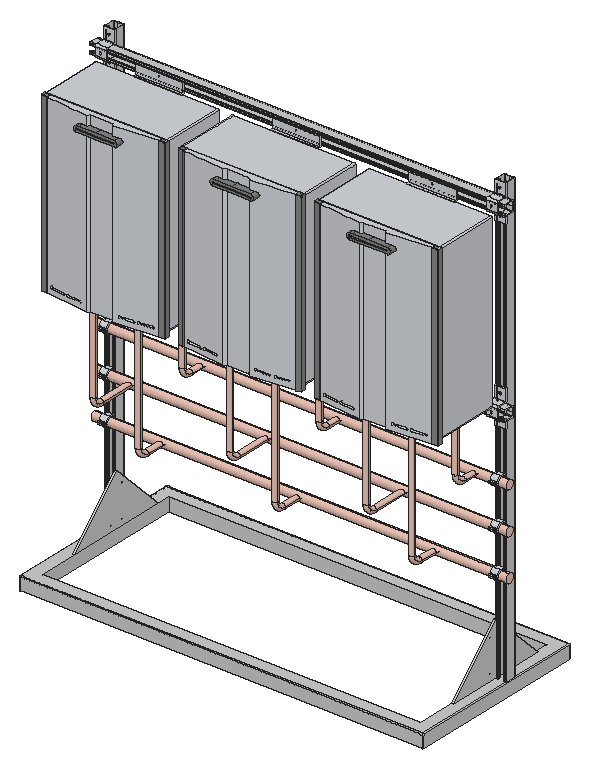
Revit family "N167e", category Generic Models, host Face, Revit 2018
Family settings
  Host = Face
  Can host rebar = No
  Round Connector Dimension = Use Diameter
  Part Type = Normal
  Cut with Voids When Loaded = No
  Shared = No
  Room Calculation Point = No
Parameters
  URL = "https://rinnai.co.nz/commercial/demand-direct-manifold-system"
  Model = "RCWN167eN/L (Natural Gas or LPG)"
  Manufacturer = "Rinnai NZ"
  Hot Manifold Height (from ground) [instance] = 580 mm
  Hot & Cold Manifold Sizes = 32 mm
  Hot & Cold Manifold Distance from Upright = Hot & Cold Manifold Sizes / 2  # 16 mm
  Gas Manifold Size = 32 mm
  Gas Manifold Height (from ground) [instance] = 740 mm
  Gas Manifold Distance from Upright [instance] = Gas Manifold Size / 2  # 16 mm
  Description = "Demand Direct N167e Commercial System"
  Default Elevation = 1219.2 mm
  Cold Manifold Height (from ground) [instance] = 420 mm
Reference planes
  plane 1 "Center (Front/Back)": y = 0
  plane 2: z = 0
  plane 3 "Center (Left/Right)": x = 0
  plane 4: z = 1732.75
  plane 5: z = 1638.5
  plane 6: z = 1686
  plane 7: z = 1732.75
  plane 8: z = 1638.5
  plane 9: z = 1686
  plane 10: x = -791.3
  plane 11: x = 791.3
  plane 12: x = -521
  plane 13: x = 521
  plane 14: z = 1031.29
  plane 15: z = 936.29
  plane 16: z = 983.79
  plane 17: z = 420
  plane 18: z = 580
  plane 19: z = 740
  plane 20: y = -314.6
  plane 21: y = -298.6
  plane 22: y = -314.6
  plane 23: z = 904.79
Forms (mm)
  Extrusion 1, solid
    sketch origin (-725, -295.1, 1269.2) x (0, 0, 1) y (0, -1, 0)
      loop
        line (485.8, 3.5) -> (485.8, 6) -> (441.3, 6)
        arc (441.3, 6) -> (440.593, 6.293) -> (440.3, 7) r 1
        line (440.3, 7) -> (440.3, 39.519)
        arc (440.3, 39.519) -> (438.109, 44.809) -> (432.819, 47) r 7.481
        line (432.819, 47) -> (400.8, 47)
        arc (400.8, 47) -> (395.497, 44.803) -> (393.3, 39.5) r 7.5
        line (393.3, 39.5) -> (393.3, 7)
        arc (393.3, 7) -> (393.007, 6.293) -> (392.3, 6) r 1
        line (392.3, 6) -> (347.8, 6) -> (347.8, 3.5) -> (393.3, 3.5)
        arc (393.3, 3.5) -> (395.068, 4.232) -> (395.8, 6) r 2.5
        line (395.8, 6) -> (395.8, 39.5)
        arc (395.8, 39.5) -> (397.264, 43.036) -> (400.8, 44.5) r 5
        line (400.8, 44.5) -> (432.8, 44.5)
        arc (432.8, 44.5) -> (436.336, 43.036) -> (437.8, 39.5) r 5
        line (437.8, 39.5) -> (437.8, 6)
        arc (437.8, 6) -> (438.532, 4.232) -> (440.3, 3.5) r 2.5
        line (440.3, 3.5) -> (485.8, 3.5)
    from 0 to -41.3
  Extrusion 2, void
    sketch origin (-725, -298.6, 1755) x (0, 0, -1) y (-1, 0, 0)
      loop
        circle (22.25, 20.65) r 5
      loop
        circle (116.5, 20.65) r 5
      loop
        circle (69, 20.65) r 5
    from 0 to -50
  Extrusion 3, solid
    sketch origin (725, -295.1, 1269.2) x (0, 0, 1) y (0, 1, 0)
      loop
        line (485.8, -3.5) -> (440.3, -3.5)
        arc (440.3, -3.5) -> (438.532, -4.232) -> (437.8, -6) r 2.5
        line (437.8, -6) -> (437.8, -39.5)
        arc (437.8, -39.5) -> (436.336, -43.036) -> (432.8, -44.5) r 5
        line (432.8, -44.5) -> (400.8, -44.5)
        arc (400.8, -44.5) -> (397.264, -43.036) -> (395.8, -39.5) r 5
        line (395.8, -39.5) -> (395.8, -6)
        arc (395.8, -6) -> (395.068, -4.232) -> (393.3, -3.5) r 2.5
        line (393.3, -3.5) -> (347.8, -3.5) -> (347.8, -6) -> (392.3, -6)
        arc (392.3, -6) -> (393.007, -6.293) -> (393.3, -7) r 1
        line (393.3, -7) -> (393.3, -39.5)
        arc (393.3, -39.5) -> (395.497, -44.803) -> (400.8, -47) r 7.5
        line (400.8, -47) -> (432.819, -47)
        arc (432.819, -47) -> (438.109, -44.809) -> (440.3, -39.519) r 7.481
        line (440.3, -39.519) -> (440.3, -7)
        arc (440.3, -7) -> (440.593, -6.293) -> (441.3, -6) r 1
        line (441.3, -6) -> (485.8, -6) -> (485.8, -3.5)
    from 0 to -41.3
  Extrusion 4, void
    sketch origin (725, -298.6, 1755) x (0, 0, -1) y (-1, 0, 0)
      loop
        circle (22.25, -20.65) r 5
      loop
        circle (116.5, -20.65) r 5
      loop
        circle (69, -20.65) r 5
    from 0 to -50
  Extrusion 5, solid
    sketch origin (-725, -295.1, 566.99) x (0, 0, 1) y (0, -1, 0)
      loop
        line (485.8, 3.5) -> (485.8, 6) -> (441.3, 6)
        arc (441.3, 6) -> (440.593, 6.293) -> (440.3, 7) r 1
        line (440.3, 7) -> (440.3, 39.519)
        arc (440.3, 39.519) -> (438.109, 44.809) -> (432.819, 47) r 7.481
        line (432.819, 47) -> (400.8, 47)
        arc (400.8, 47) -> (395.497, 44.803) -> (393.3, 39.5) r 7.5
        line (393.3, 39.5) -> (393.3, 7)
        arc (393.3, 7) -> (393.007, 6.293) -> (392.3, 6) r 1
        line (392.3, 6) -> (347.8, 6) -> (347.8, 3.5) -> (393.3, 3.5)
        arc (393.3, 3.5) -> (395.068, 4.232) -> (395.8, 6) r 2.5
        line (395.8, 6) -> (395.8, 39.5)
        arc (395.8, 39.5) -> (397.264, 43.036) -> (400.8, 44.5) r 5
        line (400.8, 44.5) -> (432.8, 44.5)
        arc (432.8, 44.5) -> (436.336, 43.036) -> (437.8, 39.5) r 5
        line (437.8, 39.5) -> (437.8, 6)
        arc (437.8, 6) -> (438.532, 4.232) -> (440.3, 3.5) r 2.5
        line (440.3, 3.5) -> (485.8, 3.5)
    from 0 to -41.3
  Extrusion 6, solid
    sketch origin (766.3, -295.1, 1269.2) x (0, -1, 0) y (0, 0, 1)
      loop
        line (3.5, -215.7) -> (3.5, -261.2)
        arc (3.5, -261.2) -> (4.232, -262.968) -> (6, -263.7) r 2.5
        line (6, -263.7) -> (39.5, -263.7)
        arc (39.5, -263.7) -> (43.036, -265.164) -> (44.5, -268.7) r 5
        line (44.5, -268.7) -> (44.5, -300.7)
        arc (44.5, -300.7) -> (43.036, -304.236) -> (39.5, -305.7) r 5
        line (39.5, -305.7) -> (6, -305.7)
        arc (6, -305.7) -> (4.232, -306.432) -> (3.5, -308.2) r 2.5
        line (3.5, -308.2) -> (3.5, -353.7) -> (6, -353.7) -> (6, -309.2)
        arc (6, -309.2) -> (6.293, -308.493) -> (7, -308.2) r 1
        line (7, -308.2) -> (39.5, -308.2)
        arc (39.5, -308.2) -> (44.803, -306.003) -> (47, -300.7) r 7.5
        line (47, -300.7) -> (47, -268.681)
        arc (47, -268.681) -> (44.809, -263.391) -> (39.519, -261.2) r 7.481
        line (39.519, -261.2) -> (7, -261.2)
        arc (7, -261.2) -> (6.293, -260.907) -> (6, -260.2) r 1
        line (6, -260.2) -> (6, -215.7) -> (3.5, -215.7)
    from 0 to 41.3
  Extrusion 7, void
    sketch origin (-725, -298.6, 1052.79) x (0, 0, 1) y (-1, 0, 0)
      loop
        circle (-21.5, 20.65) r 5
      loop
        circle (-116.5, 20.65) r 5
      loop
        circle (-69, 20.65) r 5
    from 0 to 250
  Extrusion 8, void
    sketch origin (766.3, -298.6, 1052.79) x (0, 0, 1) y (-1, 0, 0)
      loop
        circle (-21.5, 20.65) r 5
      loop
        circle (-116.5, 20.65) r 5
      loop
        circle (-69, 20.65) r 5
    from 0 to 250
  Extrusion 9, solid, material "Kembla Copper"
    sketch origin (-791.3, -4572, 1807.262) x (0, 0, 1) y (0, -1, 0)
      loop
        circle (-1067.262, -4257.4) r 16
    from 0 to 1582.6
  Extrusion 10, solid, material "Kembla Copper"
    sketch origin (-791.3, -4572, 1807.262) x (0, 0, 1) y (0, -1, 0)
      loop
        circle (-1227.262, -4257.4) r 16
    from 0 to 1582.6
  Extrusion 11, solid, material "Kembla Copper"
    sketch origin (-791.3, -4572, 1807.262) x (0, 0, 1) y (0, -1, 0)
      loop
        circle (-1387.262, -4257.4) r 16
    from 0 to 1582.6
  Sweep 12, solid, material "Kembla Copper"
    path origin (-379, -440.788, -3565.3) x (0, -1, 0) y (0, 0, -1)
      loop
        line (-28.688, -4527) -> (-28.688, -4340.3)
        arc (-28.688, -4340.3) -> (-38.939, -4315.551) -> (-63.688, -4305.3) r 35
        line (-63.688, -4305.3) -> (-126.188, -4305.3)
    profile origin (-379, -412.1, 868.35) x (1, 0, 0) y (0, 1, 0)
      loop
        circle (0, 0) r 10
  Sweep 13, solid, material "Kembla Copper"
    path origin (-531, -450.208, -3565.3) x (0, -1, 0) y (0, 0, -1)
      loop
        line (-19.108, -4518) -> (-19.108, -4020.3)
        arc (-19.108, -4020.3) -> (-29.359, -3995.551) -> (-54.108, -3985.3) r 35
        line (-54.108, -3985.3) -> (-135.608, -3985.3)
    profile origin (-531, -431.1, 703.85) x (1, 0, 0) y (0, 1, 0)
      loop
        circle (0, 0) r 10
  Sweep 14, solid, material "Kembla Copper"
    path origin (-651, -527.927, -3565.3) x (0, -1, 0) y (0, 0, -1)
      loop
        line (-30.827, -4531) -> (-30.827, -4180.3)
        arc (-30.827, -4180.3) -> (-41.078, -4155.551) -> (-65.827, -4145.3) r 35
        line (-65.827, -4145.3) -> (-213.327, -4145.3)
    profile origin (-651, -497.1, 790.35) x (1, 0, 0) y (0, 1, 0)
      loop
        circle (0, 0) r 10
  Sweep 15, solid, material "Kembla Copper"
    path origin (142, -440.788, -3565.3) x (0, -1, 0) y (0, 0, -1)
      loop
        line (-28.688, -4527) -> (-28.688, -4340.3)
        arc (-28.688, -4340.3) -> (-38.939, -4315.551) -> (-63.688, -4305.3) r 35
        line (-63.688, -4305.3) -> (-126.188, -4305.3)
    profile origin (142, -412.1, 868.35) x (1, 0, 0) y (0, 1, 0)
      loop
        circle (0, 0) r 10
  Sweep 16, solid, material "Kembla Copper"
    path origin (-10, -450.208, -3565.3) x (0, -1, 0) y (0, 0, -1)
      loop
        line (-19.108, -4518) -> (-19.108, -4020.3)
        arc (-19.108, -4020.3) -> (-29.359, -3995.551) -> (-54.108, -3985.3) r 35
        line (-54.108, -3985.3) -> (-135.608, -3985.3)
    profile origin (-10, -431.1, 703.85) x (1, 0, 0) y (0, 1, 0)
      loop
        circle (0, 0) r 10
  Sweep 17, solid, material "Kembla Copper"
    path origin (-130, -527.927, -3565.3) x (0, -1, 0) y (0, 0, -1)
      loop
        line (-30.827, -4531) -> (-30.827, -4180.3)
        arc (-30.827, -4180.3) -> (-41.078, -4155.551) -> (-65.827, -4145.3) r 35
        line (-65.827, -4145.3) -> (-213.327, -4145.3)
    profile origin (-130, -497.1, 790.35) x (1, 0, 0) y (0, 1, 0)
      loop
        circle (0, 0) r 10
  Sweep 18, solid, material "Kembla Copper"
    path origin (663, -440.788, -3565.3) x (0, -1, 0) y (0, 0, -1)
      loop
        line (-28.688, -4527) -> (-28.688, -4340.3)
        arc (-28.688, -4340.3) -> (-38.939, -4315.551) -> (-63.688, -4305.3) r 35
        line (-63.688, -4305.3) -> (-126.188, -4305.3)
    profile origin (663, -412.1, 868.35) x (1, 0, 0) y (0, 1, 0)
      loop
        circle (0, 0) r 10
  Sweep 19, solid, material "Kembla Copper"
    path origin (511, -450.208, -3565.3) x (0, -1, 0) y (0, 0, -1)
      loop
        line (-19.108, -4518) -> (-19.108, -4020.3)
        arc (-19.108, -4020.3) -> (-29.359, -3995.551) -> (-54.108, -3985.3) r 35
        line (-54.108, -3985.3) -> (-135.608, -3985.3)
    profile origin (511, -431.1, 703.85) x (1, 0, 0) y (0, 1, 0)
      loop
        circle (0, 0) r 10
  Sweep 20, solid, material "Kembla Copper"
    path origin (391, -527.927, -3565.3) x (0, -1, 0) y (0, 0, -1)
      loop
        line (-30.827, -4531) -> (-30.827, -4180.3)
        arc (-30.827, -4180.3) -> (-41.078, -4155.551) -> (-65.827, -4145.3) r 35
        line (-65.827, -4145.3) -> (-213.327, -4145.3)
    profile origin (391, -497.1, 790.35) x (1, 0, 0) y (0, 1, 0)
      loop
        circle (0, 0) r 10
  Extrusion 21, solid
    sketch origin (-732.05, -292, 1755) x (0, -1, 0) y (0, 0, -1)
      loop
        line (22.6, 1319) -> (6.6, 1319) -> (6.6, 1316.5) -> (22.6, 1316.5)
        arc (22.6, 1316.5) -> (33.859, 1320.32) -> (40.467, 1330.203) r 18.5
        line (40.467, 1330.203) -> (48.434, 1330.203)
        arc (48.434, 1330.203) -> (49.684, 1331.453) -> (48.434, 1332.703) r 1.25
        line (48.434, 1332.703) -> (38.434, 1332.703)
        arc (38.434, 1332.703) -> (33.07, 1322.902) -> (22.6, 1319) r 16
      loop
        arc (22.6, 1351) -> (33.07, 1347.098) -> (38.434, 1337.297) r 16
        line (38.434, 1337.297) -> (48.434, 1337.297)
        arc (48.434, 1337.297) -> (49.684, 1338.547) -> (48.434, 1339.797) r 1.25
        line (48.434, 1339.797) -> (40.467, 1339.797)
        arc (40.467, 1339.797) -> (33.859, 1349.68) -> (22.6, 1353.5) r 18.5
        line (22.6, 1353.5) -> (6.6, 1353.5) -> (6.6, 1351) -> (22.6, 1351)
    from 0 to -27.2
  Extrusion 22, solid
    sketch origin (-732.05, -293.4, 1875) x (0, -1, 0) y (0, 0, -1)
      loop
        line (21.2, 1279) -> (5.2, 1279) -> (5.2, 1276.5) -> (21.2, 1276.5)
        arc (21.2, 1276.5) -> (32.459, 1280.32) -> (39.067, 1290.203) r 18.5
        line (39.067, 1290.203) -> (47.034, 1290.203)
        arc (47.034, 1290.203) -> (48.284, 1291.453) -> (47.034, 1292.703) r 1.25
        line (47.034, 1292.703) -> (37.034, 1292.703)
        arc (37.034, 1292.703) -> (31.67, 1282.902) -> (21.2, 1279) r 16
      loop
        arc (21.2, 1311) -> (31.67, 1307.098) -> (37.034, 1297.297) r 16
        line (37.034, 1297.297) -> (47.034, 1297.297)
        arc (47.034, 1297.297) -> (48.284, 1298.547) -> (47.034, 1299.797) r 1.25
        line (47.034, 1299.797) -> (39.067, 1299.797)
        arc (39.067, 1299.797) -> (32.459, 1309.68) -> (21.2, 1313.5) r 18.5
        line (21.2, 1313.5) -> (5.2, 1313.5) -> (5.2, 1311) -> (21.2, 1311)
    from 0 to -27.2
  Extrusion 23, solid
    sketch origin (-732.05, -293.4, 2000) x (0, -1, 0) y (0, 0, -1)
      loop
        line (21.2, 1244) -> (5.2, 1244) -> (5.2, 1241.5) -> (21.2, 1241.5)
        arc (21.2, 1241.5) -> (32.459, 1245.32) -> (39.067, 1255.203) r 18.5
        line (39.067, 1255.203) -> (47.034, 1255.203)
        arc (47.034, 1255.203) -> (48.284, 1256.453) -> (47.034, 1257.703) r 1.25
        line (47.034, 1257.703) -> (37.034, 1257.703)
        arc (37.034, 1257.703) -> (31.67, 1247.902) -> (21.2, 1244) r 16
      loop
        arc (21.2, 1276) -> (31.67, 1272.098) -> (37.034, 1262.297) r 16
        line (37.034, 1262.297) -> (47.034, 1262.297)
        arc (47.034, 1262.297) -> (48.284, 1263.547) -> (47.034, 1264.797) r 1.25
        line (47.034, 1264.797) -> (39.067, 1264.797)
        arc (39.067, 1264.797) -> (32.459, 1274.68) -> (21.2, 1278.5) r 18.5
        line (21.2, 1278.5) -> (5.2, 1278.5) -> (5.2, 1276) -> (21.2, 1276)
    from 0 to -27.2
  Extrusion 24, solid
    sketch origin (759.25, -296.1, 1755) x (0, 0, -1) y (0, 1, 0)
      loop
        line (1319, -18.5) -> (1319, -2.5) -> (1316.5, -2.5) -> (1316.5, -18.5)
        arc (1316.5, -18.5) -> (1320.32, -29.759) -> (1330.203, -36.367) r 18.5
        line (1330.203, -36.367) -> (1330.203, -44.334)
        arc (1330.203, -44.334) -> (1331.453, -45.584) -> (1332.703, -44.334) r 1.25
        line (1332.703, -44.334) -> (1332.703, -34.334)
        arc (1332.703, -34.334) -> (1322.902, -28.97) -> (1319, -18.5) r 16
      loop
        arc (1351, -18.5) -> (1347.098, -28.97) -> (1337.297, -34.334) r 16
        line (1337.297, -34.334) -> (1337.297, -44.334)
        arc (1337.297, -44.334) -> (1338.547, -45.584) -> (1339.797, -44.334) r 1.25
        line (1339.797, -44.334) -> (1339.797, -36.367)
        arc (1339.797, -36.367) -> (1349.68, -29.759) -> (1353.5, -18.5) r 18.5
        line (1353.5, -18.5) -> (1353.5, -2.5) -> (1351, -2.5) -> (1351, -18.5)
    from 0 to -27.2
  Extrusion 25, solid
    sketch origin (759.25, -296.1, 1755) x (0, 0, -1) y (0, 1, 0)
      loop
        line (1159, -18.5) -> (1159, -2.5) -> (1156.5, -2.5) -> (1156.5, -18.5)
        arc (1156.5, -18.5) -> (1160.32, -29.759) -> (1170.203, -36.367) r 18.5
        line (1170.203, -36.367) -> (1170.203, -44.334)
        arc (1170.203, -44.334) -> (1171.453, -45.584) -> (1172.703, -44.334) r 1.25
        line (1172.703, -44.334) -> (1172.703, -34.334)
        arc (1172.703, -34.334) -> (1162.902, -28.97) -> (1159, -18.5) r 16
      loop
        arc (1191, -18.5) -> (1187.098, -28.97) -> (1177.297, -34.334) r 16
        line (1177.297, -34.334) -> (1177.297, -44.334)
        arc (1177.297, -44.334) -> (1178.547, -45.584) -> (1179.797, -44.334) r 1.25
        line (1179.797, -44.334) -> (1179.797, -36.367)
        arc (1179.797, -36.367) -> (1189.68, -29.759) -> (1193.5, -18.5) r 18.5
        line (1193.5, -18.5) -> (1193.5, -2.5) -> (1191, -2.5) -> (1191, -18.5)
    from 0 to -27.2
  Extrusion 26, solid
    sketch origin (759.25, -296.1, 1755) x (0, 0, -1) y (0, 1, 0)
      loop
        line (999, -18.5) -> (999, -2.5) -> (996.5, -2.5) -> (996.5, -18.5)
        arc (996.5, -18.5) -> (1000.32, -29.759) -> (1010.203, -36.367) r 18.5
        line (1010.203, -36.367) -> (1010.203, -44.334)
        arc (1010.203, -44.334) -> (1011.453, -45.584) -> (1012.703, -44.334) r 1.25
        line (1012.703, -44.334) -> (1012.703, -34.334)
        arc (1012.703, -34.334) -> (1002.902, -28.97) -> (999, -18.5) r 16
      loop
        arc (1031, -18.5) -> (1027.098, -28.97) -> (1017.297, -34.334) r 16
        line (1017.297, -34.334) -> (1017.297, -44.334)
        arc (1017.297, -44.334) -> (1018.547, -45.584) -> (1019.797, -44.334) r 1.25
        line (1019.797, -44.334) -> (1019.797, -36.367)
        arc (1019.797, -36.367) -> (1029.68, -29.759) -> (1033.5, -18.5) r 18.5
        line (1033.5, -18.5) -> (1033.5, -2.5) -> (1031, -2.5) -> (1031, -18.5)
    from 0 to -27.2
Cuts and joins
  Extrusion 2, Extrusion 4 cuts Extrusion 1
  Extrusion 4 cuts Extrusion 3
  Extrusion 7, Extrusion 8 cuts Extrusion 5
  Extrusion 8 cuts Extrusion 6
Dimensions and locks
  "Cold Manifold Height (from ground)": plane 17 to level
  "Hot Manifold Height (from ground)": plane 18 to level
  "Gas Manifold Height (from ground)": plane 19 to level
  "Gas Manifold Distance from Upright": plane 21 to plane 20
  "Hot & Cold Manifold Distance from Upright": plane 21 to plane 22
  "Gas Manifold Size": diameter of Extrusion 9 sketch curve
  "Hot & Cold Manifold Sizes": diameter of Extrusion 10 sketch curve
  "Hot & Cold Manifold Sizes": diameter of Extrusion 11 sketch curve
  aligned and locked: plane 2 to host face
  aligned and locked: level to host face
  aligned and locked: nested 2 to nested 1  (x2)
  aligned and locked: nested 1 to plane 3 "Center (Left/Right)"
  aligned and locked: nested 1 to plane 1 "Center (Front/Back)"
  aligned and locked: nested 1 to nested 3  (x2)
  aligned and locked: Extrusion 1 to nested 3
  aligned and locked: plane 4 to Extrusion 2 sketch curve
  aligned and locked: nested 3 to Extrusion 2 sketch curve  (x2)
  aligned and locked: plane 5 to Extrusion 2 sketch curve
  aligned and locked: plane 6 to Extrusion 2 sketch curve
  aligned and locked: plane 7 to Extrusion 4 sketch curve
  aligned and locked: plane 8 to Extrusion 4 sketch curve
  aligned and locked: plane 9 to Extrusion 4 sketch curve
  aligned and locked: cut or joined group of Extrusion 1, Extrusion 2, Extrusion 4 to nested 3
  aligned and locked: nested 2 to cut or joined group of Extrusion 3, Extrusion 4
  aligned and locked: nested 4 to nested 3
  aligned and locked: plane 14 to Extrusion 7 sketch curve
  aligned and locked: nested 3 to Extrusion 7 sketch curve  (x3)
  aligned and locked: plane 15 to Extrusion 7 sketch curve
  aligned and locked: plane 16 to Extrusion 7 sketch curve
  aligned and locked: nested 2 to Extrusion 8 sketch curve  (x3)
  aligned and locked: plane 14 to Extrusion 8 sketch curve
  aligned and locked: plane 16 to Extrusion 8 sketch curve
  aligned and locked: plane 15 to Extrusion 8 sketch curve
  aligned and locked: nested 2 to Extrusion 6
  aligned and locked: nested 5 to nested 3
  aligned and locked: plane 16 to nested 5
  aligned and locked: plane 21 to nested 2
  aligned and locked: plane 19 to Extrusion 9 sketch curve
  aligned and locked: plane 20 to Extrusion 9 sketch curve
  aligned and locked: plane 22 to Extrusion 10 sketch curve
  aligned and locked: plane 18 to Extrusion 10 sketch curve
  aligned and locked: plane 22 to Extrusion 11 sketch curve
  aligned and locked: plane 17 to Extrusion 11 sketch curve
  aligned and locked: plane 19 to Sweep 12 sketch curve
  aligned and locked: plane 20 to Sweep 12 sketch curve
  aligned and locked: plane 22 to Sweep 13 sketch curve
  aligned and locked: plane 17 to Sweep 13 sketch curve
  aligned and locked: plane 3 "Center (Left/Right)" to nested 7
  aligned and locked: Extrusion 21 sketch curve to plane 21
  aligned and locked: plane 17 to Extrusion 21 sketch curve  (x2)
  aligned and locked: plane 21 to Extrusion 21 sketch curve
  aligned and locked: plane 22 to Extrusion 21 sketch curve
  aligned and locked: Extrusion 21 sketch curve to Extrusion 11  (x2)
  aligned and locked: Extrusion 22 sketch curve to plane 21
  aligned and locked: plane 21 to Extrusion 22 sketch curve
  aligned and locked: plane 22 to Extrusion 22 sketch curve  (x4)
  aligned and locked: Extrusion 22 sketch curve to Extrusion 10  (x2)
  aligned and locked: Extrusion 23 sketch curve to plane 21
  aligned and locked: plane 21 to Extrusion 23 sketch curve
  aligned and locked: plane 20 to Extrusion 23 sketch curve  (x4)
  aligned and locked: Extrusion 23 sketch curve to Extrusion 9  (x2)
  aligned and locked: Extrusion 26 sketch curve to plane 21
  aligned and locked: plane 21 to Extrusion 26 sketch curve
  aligned and locked: plane 20 to Extrusion 26 sketch curve  (x5)
  aligned and locked: Extrusion 25 sketch curve to plane 21
  aligned and locked: plane 21 to Extrusion 25 sketch curve
  aligned and locked: plane 22 to Extrusion 25 sketch curve  (x4)
  aligned and locked: Extrusion 24 sketch curve to plane 21
  aligned and locked: plane 21 to Extrusion 24 sketch curve
  aligned and locked: plane 22 to Extrusion 24 sketch curve  (x4)
  aligned and locked: plane 19 to Extrusion 26 sketch curve
  aligned and locked: Extrusion 26 sketch curve to Extrusion 9  (x2)
  aligned and locked: Extrusion 25 sketch curve to Extrusion 10  (x2)
  aligned and locked: Extrusion 24 sketch curve to Extrusion 11  (x2)
  aligned and locked: nested 6 to Sweep 14 sketch curve
  aligned and locked: nested 6 to plane 12
  aligned and locked: nested 8 to plane 13
  aligned and locked: plane 9 to nested 6
  aligned and locked: nested 6 to Sweep 13 sketch curve
  aligned and locked: nested 6 to Sweep 12 sketch curve
  aligned and locked: nested 7 to Sweep 17 sketch curve
  aligned and locked: nested 7 to Sweep 16 sketch curve
  aligned and locked: nested 7 to Sweep 15 sketch curve
  aligned and locked: nested 8 to Sweep 20 sketch curve
  aligned and locked: nested 8 to Sweep 19 sketch curve
  aligned and locked: nested 8 to Sweep 18 sketch curve
Automatic sketch dimensions
  host sketch curve to host sketch curve = 2438.4 mm
  host sketch curve to host sketch curve = 1739.2 mm
  Extrusion 1 sketch curve to Extrusion 1 sketch curve = 0 mm  (x2)
  Extrusion 1 sketch curve to plane 21 = 0 mm  (x2)
  Extrusion 1 sketch curve to plane 5 = 21.5 mm
  plane 21 to Extrusion 1 sketch curve = 2.5 mm  (x2)
  plane 5 to Extrusion 1 sketch curve = 23 mm
  Extrusion 1 sketch curve to plane 6 = 23.5 mm
  Extrusion 1 sketch curve to Extrusion 1 sketch curve = 1 mm  (x2)
  Extrusion 1 sketch curve to Extrusion 1 sketch curve = 2.5 mm  (x3)
  Extrusion 1 sketch curve to Extrusion 1 sketch curve = 5 mm
  plane 6 to Extrusion 1 sketch curve = 16 mm
  Extrusion 1 sketch curve to Extrusion 1 sketch curve = 0.019 mm
  Extrusion 1 sketch curve to Extrusion 1 sketch curve = 4.981 mm
  plane 4 to Extrusion 1 sketch curve = 22.25 mm
  plane 20 to Extrusion 1 sketch curve = 20 mm
  Extrusion 1 to Extrusion 2 sketch curve = 20.65 mm
  Extrusion 3 sketch curve to Extrusion 3 sketch curve = 0 mm  (x2)
  Extrusion 3 sketch curve to plane 21 = 0 mm  (x2)
  Extrusion 3 sketch curve to plane 5 = 21.5 mm
  plane 21 to Extrusion 3 sketch curve = 2.5 mm  (x3)
  plane 5 to Extrusion 3 sketch curve = 23 mm
  Extrusion 3 sketch curve to plane 6 = 23.5 mm
  Extrusion 3 sketch curve to Extrusion 3 sketch curve = 1 mm  (x2)
  Extrusion 3 sketch curve to Extrusion 3 sketch curve = 5 mm
  plane 6 to Extrusion 3 sketch curve = 16 mm
  Extrusion 3 sketch curve to Extrusion 3 sketch curve = 0.019 mm
  Extrusion 3 sketch curve to Extrusion 3 sketch curve = 4.981 mm
  Extrusion 3 sketch curve to Extrusion 3 sketch curve = 2.5 mm  (x2)
  plane 4 to Extrusion 3 sketch curve = 22.25 mm
  plane 20 to Extrusion 3 sketch curve = 20 mm
  Extrusion 3 to Extrusion 4 sketch curve = 20.65 mm  (x3)
  Extrusion 5 sketch curve to Extrusion 5 sketch curve = 0 mm  (x2)
  Extrusion 5 sketch curve to plane 21 = 0 mm  (x2)
  Extrusion 5 sketch curve to plane 15 = 21.5 mm
  plane 21 to Extrusion 5 sketch curve = 2.5 mm  (x2)
  plane 15 to Extrusion 5 sketch curve = 23 mm
  Extrusion 5 sketch curve to plane 16 = 23.5 mm
  Extrusion 5 sketch curve to Extrusion 5 sketch curve = 1 mm  (x2)
  Extrusion 5 sketch curve to Extrusion 5 sketch curve = 2.5 mm  (x3)
  Extrusion 5 sketch curve to Extrusion 5 sketch curve = 5 mm
  plane 16 to Extrusion 5 sketch curve = 16 mm
  Extrusion 5 sketch curve to Extrusion 5 sketch curve = 0.019 mm
  Extrusion 5 sketch curve to Extrusion 5 sketch curve = 4.981 mm
  plane 14 to Extrusion 5 sketch curve = 21.5 mm
  plane 20 to Extrusion 5 sketch curve = 20 mm
  Extrusion 6 sketch curve to Extrusion 6 sketch curve = 0 mm  (x3)
  Extrusion 6 sketch curve to plane 21 = 0 mm  (x2)
  plane 21 to Extrusion 6 sketch curve = 2.5 mm  (x3)
  Extrusion 6 sketch curve to Extrusion 6 sketch curve = 1 mm  (x2)
  plane 20 to Extrusion 6 sketch curve = 20 mm  (x2)
  Extrusion 6 sketch curve to Extrusion 6 sketch curve = 0.019 mm  (x2)
  Extrusion 6 sketch curve to Extrusion 6 sketch curve = 5 mm
  Extrusion 6 sketch curve to Extrusion 6 sketch curve = 2.5 mm
  Extrusion 6 sketch curve to plane 15 = 20.79 mm
  plane 15 to Extrusion 6 sketch curve = 23.71 mm
  plane 16 to Extrusion 6 sketch curve = 16.71 mm
  plane 14 to Extrusion 6 sketch curve = 22.21 mm
  profile plane to Sweep 13 sketch curve = 0 mm
  profile plane to Sweep 14 sketch curve = 0 mm
  Sweep 14 sketch curve to profile plane = 0 mm
  profile plane to Sweep 16 sketch curve = 0 mm
  profile plane to Sweep 17 sketch curve = 0 mm
  Sweep 17 sketch curve to profile plane = 0 mm
  profile plane to Sweep 19 sketch curve = 0 mm
  profile plane to Sweep 20 sketch curve = 0 mm
  Sweep 20 sketch curve to profile plane = 0 mm
  Extrusion 21 sketch curve to Extrusion 21 sketch curve = 0 mm  (x3)
  Extrusion 21 sketch curve to Extrusion 21 sketch curve = 2.033 mm  (x2)
  Extrusion 21 sketch curve to Extrusion 21 sketch curve = 7.967 mm
  Extrusion 21 sketch curve to Extrusion 21 sketch curve = 2.5 mm
  Extrusion 21 sketch curve to Extrusion 21 sketch curve = 1.25 mm
  Extrusion 21 sketch curve to Extrusion 21 sketch curve = 2.297 mm
  Extrusion 22 sketch curve to Extrusion 22 sketch curve = 0 mm  (x4)
  Extrusion 22 sketch curve to Extrusion 22 sketch curve = 2.033 mm  (x2)
  Extrusion 22 sketch curve to Extrusion 22 sketch curve = 7.967 mm
  Extrusion 22 sketch curve to Extrusion 22 sketch curve = 2.5 mm
  Extrusion 22 sketch curve to Extrusion 22 sketch curve = 4.593 mm
  Extrusion 22 sketch curve to Extrusion 22 sketch curve = 1.25 mm
  Extrusion 23 sketch curve to Extrusion 23 sketch curve = 0 mm  (x4)
  Extrusion 23 sketch curve to Extrusion 23 sketch curve = 2.033 mm  (x2)
  Extrusion 23 sketch curve to Extrusion 23 sketch curve = 7.967 mm
  Extrusion 23 sketch curve to Extrusion 23 sketch curve = 2.5 mm
  Extrusion 23 sketch curve to Extrusion 23 sketch curve = 4.593 mm
  Extrusion 23 sketch curve to Extrusion 23 sketch curve = 1.25 mm
  Extrusion 24 sketch curve to Extrusion 24 sketch curve = 2.5 mm  (x2)
  Extrusion 24 sketch curve to Extrusion 24 sketch curve = 1.25 mm  (x2)
  Extrusion 24 sketch curve to Extrusion 24 sketch curve = 4.593 mm
  Extrusion 24 sketch curve to Extrusion 24 sketch curve = 7.967 mm
  Extrusion 24 sketch curve to Extrusion 24 sketch curve = 0 mm  (x3)
  Extrusion 25 sketch curve to Extrusion 25 sketch curve = 2.5 mm  (x2)
  Extrusion 25 sketch curve to Extrusion 25 sketch curve = 1.25 mm  (x2)
  Extrusion 25 sketch curve to Extrusion 25 sketch curve = 4.593 mm
  Extrusion 25 sketch curve to Extrusion 25 sketch curve = 7.967 mm
  Extrusion 25 sketch curve to Extrusion 25 sketch curve = 0 mm  (x3)
  Extrusion 26 sketch curve to Extrusion 26 sketch curve = 0 mm  (x2)
  Extrusion 26 sketch curve to Extrusion 26 sketch curve = 2.5 mm  (x2)
  Extrusion 26 sketch curve to Extrusion 26 sketch curve = 1.25 mm  (x2)
  Extrusion 26 sketch curve to Extrusion 26 sketch curve = 4.593 mm
  Extrusion 26 sketch curve to Extrusion 26 sketch curve = 7.967 mm
  Extrusion 26 sketch curve to Extrusion 26 sketch curve = 2.297 mm
  Extrusion 25 sketch curve to Extrusion 25 sketch curve = 2.297 mm
  Extrusion 24 sketch curve to Extrusion 24 sketch curve = 2.297 mm
  profile plane to Sweep 12 sketch curve = 0 mm
  Sweep 12 sketch curve to profile plane = 0 mm
  Sweep 13 sketch curve to profile plane = 0 mm
  profile plane to Sweep 15 sketch curve = 0 mm
  Sweep 15 sketch curve to profile plane = 0 mm
  Sweep 16 sketch curve to profile plane = 0 mm
  profile plane to Sweep 18 sketch curve = 0 mm
  Sweep 18 sketch curve to profile plane = 0 mm
  Sweep 19 sketch curve to profile plane = 0 mm
  Sweep 13 sketch curve to Sweep 13 sketch curve = 81.5 mm
  Sweep 13 sketch curve to Sweep 13 sketch curve = 35 mm
  Sweep 12 sketch curve to Sweep 12 sketch curve = 62.5 mm
  Sweep 12 sketch curve to Sweep 12 sketch curve = 35 mm
  Sweep 14 sketch curve to plane 18 = 0 mm
  Sweep 14 sketch curve to plane 20 = 0 mm
  Sweep 14 sketch curve to Sweep 14 sketch curve = 147.5 mm
  Sweep 14 sketch curve to Sweep 14 sketch curve = 35 mm
  Sweep 15 sketch curve to plane 19 = 0 mm
  Sweep 15 sketch curve to plane 20 = 0 mm
  plane 20 to Sweep 15 sketch curve = 62.5 mm
  Sweep 15 sketch curve to Sweep 15 sketch curve = 35 mm
  Sweep 16 sketch curve to plane 17 = 0 mm
  Sweep 16 sketch curve to plane 20 = 0 mm
  plane 20 to Sweep 16 sketch curve = 81.5 mm
  Sweep 16 sketch curve to Sweep 16 sketch curve = 35 mm
  Sweep 17 sketch curve to plane 18 = 0 mm
  Sweep 17 sketch curve to plane 20 = 0 mm
  plane 20 to Sweep 17 sketch curve = 147.5 mm
  Sweep 17 sketch curve to Sweep 17 sketch curve = 35 mm
  Sweep 18 sketch curve to plane 19 = 0 mm
  Sweep 18 sketch curve to plane 20 = 0 mm
  plane 20 to Sweep 18 sketch curve = 62.5 mm
  Sweep 18 sketch curve to Sweep 18 sketch curve = 35 mm
  Sweep 19 sketch curve to plane 17 = 0 mm
  Sweep 19 sketch curve to plane 20 = 0 mm
  plane 20 to Sweep 19 sketch curve = 81.5 mm
  Sweep 19 sketch curve to Sweep 19 sketch curve = 35 mm
  Sweep 20 sketch curve to plane 18 = 0 mm
  Sweep 20 sketch curve to plane 20 = 0 mm
  plane 20 to Sweep 20 sketch curve = 147.5 mm
  Sweep 20 sketch curve to Sweep 20 sketch curve = 35 mm
  radius of Extrusion 2 sketch curve = 5 mm  (x3)
  radius of Extrusion 4 sketch curve = 5 mm  (x3)
  radius of Extrusion 7 sketch curve = 5 mm  (x3)
  radius of Extrusion 8 sketch curve = 5 mm  (x3)
  radius of Sweep 12 sketch curve = 10 mm
  radius of Sweep 13 sketch curve = 10 mm
  radius of Sweep 14 sketch curve = 10 mm
  radius of Sweep 15 sketch curve = 10 mm
  radius of Sweep 16 sketch curve = 10 mm
  radius of Sweep 17 sketch curve = 10 mm
  radius of Sweep 18 sketch curve = 10 mm
  radius of Sweep 19 sketch curve = 10 mm
  radius of Sweep 20 sketch curve = 10 mm
Nested families
  nested 1: "12573 (rough)" at (0, -320, 0) x (-1, 0, 0) z (0, 0, 1), type "12573 (rough)"
  nested 2: "Unistrut P1000" at (745.65, -275, 50) x (-1, 0, 0) z (0, 0, 1), type "Unistrut P1000"
    with Unistrut Length 1705 mm
  nested 3: "Unistrut P1000" at (-745.65, -275, 50), type "Unistrut P1000"
    with Unistrut Length 1705 mm
  nested 4: "Unistrut P1000" at (-791.3, -316.3, 1686) x (0, 0, 1) z (1, 0, 0), type "Unistrut P1000"
    with Unistrut Length 1582.6 mm
  nested 5: "Unistrut P1000" at (-791.3, -316.3, 983.79) x (0, 0, 1) z (1, 0, 0), type "Unistrut P1000"
    with Unistrut Length 1582.6 mm
  nested 6: "N56e" at (-521, -339.9, 1006.7) x (1, 0, 0) z (0, -1, 0), type "N56eN"
  nested 7: "N56e" at (0, -339.9, 1006.7) x (1, 0, 0) z (0, -1, 0), type "N56eN"
  nested 8: "N56e" at (521, -339.9, 1006.7) x (1, 0, 0) z (0, -1, 0), type "N56eN"
Definition of nested family "12573 (rough)"
  Parameters (values of type "12573 (rough)")
    Default Elevation = 1219.2 mm
  Reference planes
    plane 1 "Center (Front/Back)": y = 0
    plane 2: z = 0
    plane 3 "Center (Left/Right)": x = 0
    plane 4: y = -220
    plane 5: z = 250
    plane 6: y = 180
    plane 7: y = -45
    plane 8: z = 75
    plane 9: y = 5
  Forms (mm)
    Extrusion 1, solid
      sketch origin (0, 0, 0) x (1, 0, 0) y (0, 1, 0)
        loop
          line (-1219.2, 1219.2) -> (-1219.2, -1219.2) -> (1219.2, -1219.2) -> (1219.2, 1219.2) -> (-1219.2, 1219.2)
      from 0 to -304.8
    Extrusion 2, solid
      sketch origin (159.52, 21.668, 0) x (1, 0, 0) y (0, 1, 0)
        loop
          line (-929.52, 358.332) -> (-929.52, -341.668) -> (610.48, -341.668) -> (610.48, 358.332) -> (-929.52, 358.332)
        loop
          line (-879.52, 308.332) -> (-879.52, -291.668) -> (560.48, -291.668) -> (560.48, 308.332) -> (-879.52, 308.332)
      from 0 to 50
    Extrusion 3, solid
      sketch origin (720, 300, 0) x (0, -1, 0) y (0, 0, 1)
        loop
          line (520, 50) -> (320, 250) -> (120, 50) -> (520, 50)
      from 0 to -5
    Extrusion 4, void
      sketch origin (720, 300, 0) x (0, 1, 0) y (0, 0, 1)
        loop
          circle (-345, 75) r 5.25
        loop
          circle (-345, 200) r 5.25
        loop
          circle (-295, 75) r 5.25
        loop
          circle (-295, 200) r 5.25
      from 0 to 5
    Extrusion 5, solid
      sketch origin (-720, 300, 0) x (0, -1, 0) y (0, 0, -1)
        loop
          line (520, -50) -> (120, -50) -> (320, -250) -> (520, -50)
      from 0 to -5
    Extrusion 6, void
      sketch origin (-720, 300, 0) x (0, 1, 0) y (0, 0, -1)
        loop
          circle (-345, -75) r 5.25
        loop
          circle (-345, -200) r 5.25
        loop
          circle (-295, -75) r 5.25
        loop
          circle (-295, -200) r 5.25
      from 0 to 5
    Extrusion 7, void
      sketch origin (0, 0, 0) x (1, 0, 0) y (0, 0, 1)
        loop
          line (-765, 50) -> (-765, 51) -> (-771, 51) -> (-771, 45) -> (-770, 45) -> (-770, 46.508)
          arc (-770, 46.508) -> (-768.977, 48.977) -> (-766.508, 50) r 3.492
          line (-766.508, 50) -> (-765, 50)
      from -380 to 320
    Extrusion 8, void
      sketch origin (0, 0, 0) x (-1, 0, 0) y (0, 0, -1)
        loop
          line (-765, -50) -> (-766.508, -50)
          arc (-766.508, -50) -> (-768.977, -48.977) -> (-770, -46.508) r 3.492
          line (-770, -46.508) -> (-770, -45) -> (-771, -45) -> (-771, -51) -> (-765, -51) -> (-765, -50)
      from -380 to 320
    Extrusion 9, void
      sketch origin (0, 0, 0) x (1, 0, 0) y (0, 1, 0)
        loop
          line (-763, 380) -> (-763, 381) -> (-771, 381) -> (-771, 373) -> (-770, 373) -> (-770, 376.5)
          arc (-770, 376.5) -> (-768.975, 378.975) -> (-766.5, 380) r 3.5
          line (-766.5, 380) -> (-763, 380)
        loop
          line (763, 380) -> (766.5, 380)
          arc (766.5, 380) -> (768.975, 378.975) -> (770, 376.5) r 3.5
          line (770, 376.5) -> (770, 373) -> (771, 373) -> (771, 381) -> (763, 381) -> (763, 380)
        loop
          line (-763, -320) -> (-766.5, -320)
          arc (-766.5, -320) -> (-768.975, -318.975) -> (-770, -316.5) r 3.5
          line (-770, -316.5) -> (-770, -313) -> (-771, -313) -> (-771, -321) -> (-763, -321) -> (-763, -320)
        loop
          line (763, -320) -> (763, -321) -> (771, -321) -> (771, -313) -> (770, -313) -> (770, -316.5)
          arc (770, -316.5) -> (768.975, -318.975) -> (766.5, -320) r 3.5
          line (766.5, -320) -> (763, -320)
      from 0 to 55
    Extrusion 10, void
      sketch origin (0, 0, 0) x (0, 1, 0) y (0, 0, 1)
        loop
          line (373, 50) -> (376.5, 50)
          arc (376.5, 50) -> (378.975, 48.975) -> (380, 46.5) r 3.5
          line (380, 46.5) -> (380, 43) -> (381, 43) -> (381, 51) -> (373, 51) -> (373, 50)
        loop
          line (-313, 50) -> (-313, 51) -> (-321, 51) -> (-321, 43) -> (-320, 43) -> (-320, 46.5)
          arc (-320, 46.5) -> (-318.975, 48.975) -> (-316.5, 50) r 3.5
          line (-316.5, 50) -> (-313, 50)
      from -770 to 770
  Cuts and joins
    Extrusion 4, Extrusion 6 cuts Extrusion 3
    Extrusion 6 cuts Extrusion 5
    Extrusion 7, Extrusion 8, Extrusion 9, Extrusion 10 cuts Extrusion 2
  Dimensions and locks
    aligned and locked: plane 2 to Extrusion 1
    aligned and locked: level to Extrusion 1
    aligned and locked: Extrusion 2 to Extrusion 7
    aligned and locked: Extrusion 7 to Extrusion 2
    aligned and locked: Extrusion 9 sketch curve to Extrusion 9 sketch curve  (x4)
Definition of nested family "Unistrut P1000"
  Parameters (values of type "Unistrut P1000")
    Unistrut Length [instance] = 1900 mm
    Default Elevation = 1219.2 mm
  Types (6, lengths in mm): name | Unistrut Length
    Unistrut P1000 | 1900
    Unistrut P1000T 6 | 2373.2
    Unistrut P1000T 5 | 450.2
    Unistrut P1000T 4 | 2370
    Unistrut P1000T 3 | 2017.3
    Unistrut P1000T 2 | 1957.6
  Reference planes
    plane 1 "Center (Front/Back)": y = 0
    plane 2: z = 0
    plane 3 "Center (Left/Right)": x = 0
    plane 4: x = -20.65
    plane 5: x = 20.65
    plane 6: y = -17.7
    plane 7 "Unistrut Top": z = 1900
    plane 8: y = 23.6
  Forms (mm)
    Extrusion 1, solid
      sketch origin (0, 0, 0) x (1, 0, 0) y (0, 1, 0)
        loop
          line (-1219.2, 1219.2) -> (-1219.2, -1219.2) -> (1219.2, -1219.2) -> (1219.2, 1219.2) -> (-1219.2, 1219.2)
      from 0 to -304.8
    Extrusion 2, solid
      sketch origin (0, 0, 0) x (1, 0, 0) y (0, 1, 0)
        loop
          line (0, -17.7) -> (17.15, -17.7)
          arc (17.15, -17.7) -> (19.625, -16.675) -> (20.65, -14.2) r 3.5
          line (20.65, -14.2) -> (20.65, 20.1)
          arc (20.65, 20.1) -> (19.625, 22.575) -> (17.15, 23.6) r 3.5
          line (17.15, 23.6) -> (13.1, 23.6)
          arc (13.1, 23.6) -> (11.686, 23.014) -> (11.1, 21.6) r 2
          line (11.1, 21.6) -> (11.1, 17)
          arc (11.1, 17) -> (11.246, 16.646) -> (11.6, 16.5) r 0.5
          line (11.6, 16.5) -> (13.1, 16.5)
          arc (13.1, 16.5) -> (13.454, 16.646) -> (13.6, 17) r 0.5
          line (13.6, 17) -> (13.6, 21.1) -> (16.15, 21.1)
          arc (16.15, 21.1) -> (17.564, 20.514) -> (18.15, 19.1) r 2
          line (18.15, 19.1) -> (18.15, -13.2)
          arc (18.15, -13.2) -> (17.564, -14.614) -> (16.15, -15.2) r 2
          line (16.15, -15.2) -> (0, -15.2) -> (-16.15, -15.2)
          arc (-16.15, -15.2) -> (-17.564, -14.614) -> (-18.15, -13.2) r 2
          line (-18.15, -13.2) -> (-18.15, 19.1)
          arc (-18.15, 19.1) -> (-17.564, 20.514) -> (-16.15, 21.1) r 2
          line (-16.15, 21.1) -> (-13.6, 21.1) -> (-13.6, 17)
          arc (-13.6, 17) -> (-13.454, 16.646) -> (-13.1, 16.5) r 0.5
          line (-13.1, 16.5) -> (-11.6, 16.5)
          arc (-11.6, 16.5) -> (-11.246, 16.646) -> (-11.1, 17) r 0.5
          line (-11.1, 17) -> (-11.1, 21.6)
          arc (-11.1, 21.6) -> (-11.686, 23.014) -> (-13.1, 23.6) r 2
          line (-13.1, 23.6) -> (-17.15, 23.6)
          arc (-17.15, 23.6) -> (-19.625, 22.575) -> (-20.65, 20.1) r 3.5
          line (-20.65, 20.1) -> (-20.65, -14.2)
          arc (-20.65, -14.2) -> (-19.625, -16.675) -> (-17.15, -17.7) r 3.5
          line (-17.15, -17.7) -> (0, -17.7)
      from 0 to 1900
  Dimensions and locks
    equal spacing: plane 4, plane 3 "Center (Left/Right)", plane 5
    plane 6 to plane 1 "Center (Front/Back)" = 17.7 mm
    "Unistrut Length": plane 7 "Unistrut Top" to level
    aligned and locked: plane 2 to Extrusion 1
    aligned and locked: level to Extrusion 1
    aligned and locked: Extrusion 2 to level
    aligned and locked: Extrusion 2 to plane 4
    aligned and locked: plane 5 to Extrusion 2
    aligned and locked: Extrusion 2 to plane 6
    aligned and locked: plane 7 "Unistrut Top" to Extrusion 2
    aligned and locked: plane 8 to Extrusion 2
  Automatic sketch dimensions
    Extrusion 1 sketch curve to Extrusion 1 sketch curve = 2438.4 mm  (x2)
    Extrusion 2 sketch curve to plane 4 = 0 mm
    Extrusion 2 sketch curve to plane 3 "Center (Left/Right)" = 0 mm  (x2)
    Extrusion 2 sketch curve to plane 5 = 0 mm
    plane 4 to Extrusion 2 sketch curve = 2.5 mm
    plane 4 to Extrusion 2 sketch curve = 3.5 mm
    Extrusion 2 sketch curve to Extrusion 2 sketch curve = 1 mm  (x8)
    Extrusion 2 sketch curve to Extrusion 2 sketch curve = 2.55 mm  (x2)
    Extrusion 2 sketch curve to Extrusion 2 sketch curve = 0.5 mm  (x4)
    Extrusion 2 sketch curve to Extrusion 2 sketch curve = 1.5 mm  (x2)
    Extrusion 2 sketch curve to Extrusion 2 sketch curve = 2 mm  (x2)
    Extrusion 2 sketch curve to plane 5 = 9.55 mm
    Extrusion 2 sketch curve to plane 5 = 4.5 mm
    plane 1 "Center (Front/Back)" to Extrusion 2 sketch curve = 17.7 mm
    Extrusion 2 sketch curve to Extrusion 2 sketch curve = 2.5 mm
    Extrusion 2 sketch curve to plane 1 "Center (Front/Back)" = 16.5 mm  (x2)
    Extrusion 2 sketch curve to Extrusion 2 sketch curve = 2.1 mm  (x2)
Definition of nested family "N56e"
  Parameters (values of type "N56eN")
    Weight = 29.00 kg  # constant formula
    URL = "https://rinnai.co.nz/N-Series"
    Power Consumption (Standby) = "2.4 W"  # constant formula
    Power Consumption (Normal) = if(Constraint = 1, "70 W", "85 W")  # "70 W"
    Power Consumption (Automatic Frost Protection) = "154 W"  # constant formula
    PRV (from centreline) = 30 mm
    PRV (from back of unit) = 180 mm
    Ouput = 55500 VA  # constant formula
    Nominal Water Capacity = "32 L/min @ 25° rise"  # constant formula
    Nominal Operating Pressure = "300 - 1000 kPa"  # constant formula
    Noise Level = "54 dB(A)"  # constant formula
    NOx af = "Less than 50 ppm"  # constant formula
    Model = "N-Series"
    Minimum Water Flow = 0.025 L/s  # constant formula
    Minimum Operating Presure = 10000.0 Pa  # constant formula
    Manufacturer = "Rinnai"
    Line Pressures = if(Constraint = 1, "1.13 - 3.0 kPa", "2.75 - 3.0 kPa")  # "1.13 - 3.0 kPa"
    Line Pressure Maximum = "3.5 kPa (maximum standing pressure under abnormal intermittent conditions is 5.0 kPa)"  # constant formula
    Input = "16 - 209 MJ/h"  # constant formula
    Ingress Protection Rating = "IPX5"  # constant formula
    Ingition System = "Direct electronic ignition"  # constant formula
    Hot Water Outlet = "R¾ (20 mm)"  # constant formula
    Hot Water Capacity = "1.5 - 37 L/min"  # constant formula
    Hot Outlet (from centreline) = 130 mm
    Hot Outlet (from back of unit) = 142 mm
    Gas Supply = "R¾ (20 mm)"  # constant formula
    Gas Inlet (from back of unit) = 57 mm
    Gas (from centreline) = 142 mm
    Efficiency = "97%"  # constant formula
    Description = "Condensing gas continous flow water heaters"
    Default Elevation = 1219.2 mm
    Constraint = 1
    Conensate Outlet (from back of unit) = 120 mm
    Condensate Outlet (from centreline) = 196 mm
    Condensate = "R¾ (15 mm)"  # constant formula
    Cold Water Inlet = "R¾ (20 mm)"  # constant formula
    Cold Inlet (from back of unit) = 76 mm
    Cold (from centreline) = 10 mm
  Types (2, lengths in mm): name | URL | Power Consumption (Normal) | Model | Manufacturer | Line Pressures | Description | Constraint
    N56eN | "https://rinnai.co.nz/N-Series" | "70 W" | "N-Series" | "Rinnai" | "1.13 - 3.0 kPa" | "Condensing gas continous flow water heaters" | 1
    N56eL | "" | "85 W" | "" | "" | "2.75 - 3.0 kPa" | "" | 2
  Reference planes
    plane 1 "Center (Front/Back)": y = 0
    plane 2: z = 0
    plane 3 "Center (Left/Right)": x = 0
    plane 4 "Bottom of Box": z = 15.2
    plane 5 "Top of Box (no front cover)": z = 256
    plane 6 "Left side": x = -235
    plane 7 "Right side": x = 235
    plane 8 "Top Surface of front cover": z = 291.2
    plane 9 "Front Cover Bottom": y = -16
    plane 10 "Exhaust Vent": z = 309
    plane 11 "Cold (from centreline)": x = -10
    plane 12 "Cold (back of unit)": z = 91.2
    plane 13: x = 142
    plane 14 "Gas (back of unit)": z = 72.2
    plane 15 "Hot Outlet (back of unit)": z = 157.2
    plane 16 "Hot Outlet (from centreline)": x = -130
    plane 17 "Condensate Outlet (back of unit)": z = 135.2
    plane 18: x = -196
    plane 19: x = -30
    plane 20: z = 195.2
    plane 21 "Cold Return (bottom of unit)": y = -20
    plane 22 "Wall bracket left": x = -90
    plane 23 "Wall bracket right": x = 90
    plane 24: y = 679.3
    plane 25: y = -25.3
    plane 26: z = 177.364
    plane 27: y = 11
  Forms (mm)
    Extrusion 1, solid
      sketch origin (-0.8, 0, 0) x (1, 0, 0) y (0, 1, 0)
        loop
          line (-1219.2, 1219.2) -> (-1219.2, -1219.2) -> (1219.2, -1219.2) -> (1219.2, 1219.2) -> (-1219.2, 1219.2)
      from 0 to -304.8
    Extrusion 2, solid
      sketch origin (0, 0, 0) x (1, 0, 0) y (0, 0, 1)
        loop
          line (-235, 256) -> (-235, 15.2) -> (235, 15.2) -> (235, 256) -> (-235, 256)
      from 0 to -654
    Extrusion 3, solid
      sketch origin (-508.579, -16, 1219.2) x (-1, 0, 0) y (0, 0, 1)
        loop
          line (-273.579, -963.2) -> (-273.579, -948.2)
          arc (-273.579, -948.2) -> (-365.297, -935.704) -> (-457.694, -930.128) r 1232.38
          line (-457.694, -930.128) -> (-465.548, -937.982) -> (-508.579, -937.982) -> (-551.61, -937.982) -> (-559.464, -930.128)
          arc (-559.464, -930.128) -> (-651.861, -935.704) -> (-743.579, -948.2) r 1232.38
          line (-743.579, -948.2) -> (-743.579, -963.2) -> (-273.579, -963.2)
      from 0 to 670
    Extrusion 4, solid
      sketch origin (-431.071, -4570.865, 291.2) x (-1, 0, 0) y (0, -1, 0)
        loop
          line (-431.071, -5190.883) -> (-358.86, -5190.883)
          arc (-358.86, -5190.883) -> (-347.652, -5179.675) -> (-358.86, -5168.467) r 11.208
          line (-358.86, -5168.467) -> (-431.071, -5168.467) -> (-503.282, -5168.467)
          arc (-503.282, -5168.467) -> (-514.49, -5179.675) -> (-503.282, -5190.883) r 11.208
          line (-503.282, -5190.883) -> (-431.071, -5190.883)
      from -9.982 to 17.8
    Extrusion 5, void
      sketch origin (-431.071, -4572, 291.2) x (-1, 0, 0) y (0, -1, 0)
        loop
          line (-431.071, -5183.877) -> (-359.143, -5183.877)
          arc (-359.143, -5183.877) -> (-355.614, -5180.348) -> (-359.143, -5176.819) r 3.529
          line (-359.143, -5176.819) -> (-431.071, -5176.819) -> (-502.999, -5176.819)
          arc (-502.999, -5176.819) -> (-506.528, -5180.348) -> (-502.999, -5183.877) r 3.529
          line (-502.999, -5183.877) -> (-431.071, -5183.877)
      from -9.982 to 17.8
    Extrusion 6, void
      sketch origin (-431.071, -4577.315, 291.2) x (-1, 0, 0) y (0, -1, 0)
        loop
          line (-288.924, -4592.343) -> (-238.924, -4592.343)
          arc (-238.924, -4592.343) -> (-234.895, -4588.315) -> (-238.924, -4584.286) r 4.029
          line (-238.924, -4584.286) -> (-288.924, -4584.286)
          arc (-288.924, -4584.286) -> (-292.952, -4588.315) -> (-288.924, -4592.343) r 4.029
      from 0 to -35.2
    Extrusion 7, void
      sketch origin (-363.55, -4577.315, 291.2) x (-1, 0, 0) y (0, -1, 0)
        loop
          line (-288.924, -4592.343) -> (-238.924, -4592.343)
          arc (-238.924, -4592.343) -> (-234.895, -4588.315) -> (-238.924, -4584.286) r 4.029
          line (-238.924, -4584.286) -> (-288.924, -4584.286)
          arc (-288.924, -4584.286) -> (-292.952, -4588.315) -> (-288.924, -4592.343) r 4.029
      from 0 to -35.2
    Extrusion 8, void
      sketch origin (-163.55, -4577.315, 291.2) x (-1, 0, 0) y (0, -1, 0)
        loop
          line (-288.924, -4592.343) -> (-238.924, -4592.343)
          arc (-238.924, -4592.343) -> (-234.895, -4588.315) -> (-238.924, -4584.286) r 4.029
          line (-238.924, -4584.286) -> (-288.924, -4584.286)
          arc (-288.924, -4584.286) -> (-292.952, -4588.315) -> (-288.924, -4592.343) r 4.029
      from 0 to -35.2
    Extrusion 9, void
      sketch origin (-93.55, -4572, 291.2) x (-1, 0, 0) y (0, -1, 0)
        loop
          line (-288.924, -4587.029) -> (-238.924, -4587.029)
          arc (-238.924, -4587.029) -> (-234.895, -4583) -> (-238.924, -4578.971) r 4.029
          line (-238.924, -4578.971) -> (-288.924, -4578.971)
          arc (-288.924, -4578.971) -> (-292.952, -4583) -> (-288.924, -4587.029) r 4.029
      from 0 to -35.2
    Extrusion 10, void
      sketch origin (0, -4572, 15.2) x (-1, 0, 0) y (0, -1, 0)
        loop
          line (230, -5226) -> (235, -5226) -> (235, -5221)
          arc (235, -5221) -> (233.536, -5224.536) -> (230, -5226) r 5
        loop
          arc (-230, -5226) -> (-233.536, -5224.536) -> (-235, -5221) r 5
          line (-235, -5221) -> (-235, -5226) -> (-230, -5226)
      from 0 to 280
    Extrusion 11, void
      sketch origin (0, -4572, 15.2) x (-1, 0, 0) y (0, -1, 0)
        loop
          line (235, -4572) -> (230, -4572)
          arc (230, -4572) -> (233.536, -4573.464) -> (235, -4577) r 5
          line (235, -4577) -> (235, -4572)
        loop
          line (-235, -4572) -> (-235, -4577)
          arc (-235, -4577) -> (-233.536, -4573.464) -> (-230, -4572) r 5
          line (-230, -4572) -> (-235, -4572)
      from 0 to 240.8
    Extrusion 12, solid
      sketch origin (0, 0, 0) x (1, 0, 0) y (0, 0, 1)
        loop
          circle (-10, 91.2) r 10
        loop
          circle (-10, 91.2) r 12.5
      from 0 to 54
    Extrusion 13, solid
      sketch origin (0, 0, 0) x (1, 0, 0) y (0, 0, 1)
        loop
          circle (142, 72.2) r 10
        loop
          circle (142, 72.2) r 12.5
      from 0 to 45
    Extrusion 14, solid
      sketch origin (11.501, 0, -6.971) x (1, 0, 0) y (0, 0, 1)
        loop
          circle (-41.501, 202.171) r 7.5
        loop
          circle (-41.501, 202.171) r 10
      from 0 to 23
    Extrusion 15, solid
      sketch origin (0, 0, 0) x (1, 0, 0) y (0, 0, 1)
        loop
          circle (-130, 157.2) r 10
        loop
          circle (-130, 157.2) r 12.5
      from 0 to 41
    Extrusion 16, solid
      sketch origin (0, 0, 0) x (1, 0, 0) y (0, 0, 1)
        loop
          circle (-196, 135.2) r 7.5
        loop
          circle (-196, 135.2) r 10
      from 0 to 24
    Extrusion 17, solid
      sketch origin (-10, -4572, 110.308) x (0, 0, 1) y (0, -1, 0)
        loop
          circle (-19.108, -4552) r 10
        loop
          circle (-19.108, -4552) r 12.5
      from 0 to 54
    Extrusion 18, solid
      sketch origin (90, 0, 0) x (0, 1, 0) y (0, 0, 1)
        loop
          line (2.843, 11.096) -> (15.375, 11.096) -> (15.375, 15.2) -> (0, 15.2) -> (0, 3.773) -> (-36, 3.773) -> (-36, 0.2) -> (2.843, 0.2) -> (2.843, 11.096)
      from 0 to -180
    Extrusion 19, solid
      sketch origin (90, 654, 0) x (0, -1, 0) y (0, 0, -1)
        loop
          line (2.843, -11.096) -> (2.843, -0.2) -> (-35.8, -0.2) -> (-35.8, -3.773) -> (0, -3.773) -> (0, -15.2) -> (15.375, -15.2) -> (15.375, -11.096) -> (2.843, -11.096)
      from 0 to -180
    Extrusion 20, void
      sketch origin (0, 0, 0) x (1, 0, 0) y (0, 1, 0)
        loop
          circle (0, 679.3) r 3
      from 0 to 3.773
    Extrusion 21, void
      sketch origin (0, 0, 0) x (1, 0, 0) y (0, 1, 0)
        loop
          circle (-10, -25.3) r 3
      from 0 to 3.773
    Extrusion 22, solid
      sketch origin (0, 0, 0) x (1, 0, 0) y (0, 0, 1)
        loop
          circle (90, 219.459) r 20
      from 0 to 1.737
    Extrusion 23, void
      sketch origin (0, 0, 0) x (1, 0, 0) y (0, 0, 1)
        loop
          line (78.249, 219.673) -> (78.249, 218.644) -> (89.382, 218.644) -> (89.382, 208.195) -> (90.554, 208.195) -> (90.554, 218.644) -> (100.885, 218.644) -> (100.885, 219.673) -> (90.554, 219.673) -> (90.554, 230.463) -> (89.382, 230.463) -> (89.382, 219.673) -> (78.249, 219.673)
      from 0 to 1.737
    Revolve 24, solid
      sketch origin (-208.429, -4556, 177.364) x (-1, 0, 0) y (0, -1, 0)
        loop
          line (-9.943, -4556) -> (-2.429, -4556) -> (-2.429, -4552) -> (-4.281, -4550.148) -> (-4.281, -4546.7) -> (-7.729, -4546.7) -> (-7.729, -4533.815) -> (-9.943, -4533.815) -> (-9.943, -4556)
        axis (-12.429, -4556) -> (-12.429, -4533.815)
      angle from 0 to 360
    Extrusion 25, void
      sketch origin (-431.071, -4572, 291.2) x (-1, 0, 0) y (0, -1, 0)
        loop
          line (-431.071, -5183.877) -> (-359.143, -5183.877)
          arc (-359.143, -5183.877) -> (-355.614, -5180.348) -> (-359.143, -5176.819) r 3.529
          line (-359.143, -5176.819) -> (-431.071, -5176.819) -> (-502.999, -5176.819)
          arc (-502.999, -5176.819) -> (-506.528, -5180.348) -> (-502.999, -5183.877) r 3.529
          line (-502.999, -5183.877) -> (-431.071, -5183.877)
      from 0 to -35.2
    Extrusion 26, solid
      sketch origin (508.579, -16, 1219.2) x (-1, 0, 0) y (0, 0, -1)
        loop
          arc (722.921, 944.28) -> (733.572, 945.829) -> (744.184, 947.621) r 468.63
          line (744.184, 947.621) -> (744.184, 963.2) -> (724.857, 963.2)
          arc (724.857, 963.2) -> (723.488, 962.633) -> (722.921, 961.263) r 1.937
          line (722.921, 961.263) -> (722.921, 944.28)
      from 0 to -670
    Extrusion 27, void
      sketch origin (508.579, -16, 1219.2) x (1, 0, 0) y (0, 0, -1)
        loop
          arc (-722.921, 944.28) -> (-733.013, 945.741) -> (-743.07, 947.421) r 468.63
          arc (-743.07, 947.421) -> (-743.869, 947.884) -> (-744.184, 948.751) r 1.351
          line (-744.184, 948.751) -> (-744.184, 963.2) -> (-745.184, 963.2) -> (-745.184, 948.049)
          arc (-745.184, 948.049) -> (-744.832, 947.079) -> (-743.94, 946.561) r 1.511
          arc (-743.94, 946.561) -> (-733.515, 944.807) -> (-723.053, 943.289) r 469.63
          line (-723.053, 943.289) -> (-722.921, 944.28)
      from 0 to 670
    Extrusion 28, solid
      sketch origin (-508.579, -16, 1219.2) x (1, 0, 0) y (0, 0, 1)
        loop
          line (722.921, -944.28) -> (722.921, -961.263)
          arc (722.921, -961.263) -> (723.488, -962.633) -> (724.857, -963.2) r 1.937
          line (724.857, -963.2) -> (744.184, -963.2) -> (744.184, -947.621)
          arc (744.184, -947.621) -> (733.572, -945.829) -> (722.921, -944.28) r 468.63
      from 0 to -670
    Extrusion 29, void
      sketch origin (-508.579, -16, 1219.2) x (-1, 0, 0) y (0, 0, 1)
        loop
          line (-722.921, -944.28) -> (-723.053, -943.289)
          arc (-723.053, -943.289) -> (-733.515, -944.807) -> (-743.94, -946.561) r 469.63
          arc (-743.94, -946.561) -> (-744.832, -947.079) -> (-745.184, -948.049) r 1.511
          line (-745.184, -948.049) -> (-745.184, -963.2) -> (-744.184, -963.2) -> (-744.184, -948.751)
          arc (-744.184, -948.751) -> (-743.869, -947.884) -> (-743.07, -947.421) r 1.351
          arc (-743.07, -947.421) -> (-733.013, -945.741) -> (-722.921, -944.28) r 468.63
      from 0 to 670
  Cuts and joins
    Extrusion 5 cuts Extrusion 4
    Extrusion 5, Extrusion 6, Extrusion 7, Extrusion 8, Extrusion 9, Extrusion 10, Extrusion 25, Extrusion 27 cuts Extrusion 3
    Extrusion 10, Extrusion 11 cuts Extrusion 2
    Extrusion 20 cuts Extrusion 19
    Extrusion 21 cuts Extrusion 18
    Extrusion 23 cuts Extrusion 22
    Extrusion 27, Extrusion 29 cuts Extrusion 26
    Extrusion 29 cuts Extrusion 28
  Dimensions and locks
    locked: plane 4 "Bottom of Box" to plane 2 at 15.2
    locked: plane 5 "Top of Box (no front cover)" to plane 4 "Bottom of Box" at 240.8
    equal spacing: plane 6 "Left side", plane 3 "Center (Left/Right)", plane 7 "Right side", locked at 235 each
    "Cold (from centreline)": plane 11 "Cold (from centreline)" to plane 3 "Center (Left/Right)"
    "Cold Inlet (from back of unit)": plane 12 "Cold (back of unit)" to plane 4 "Bottom of Box"
    "Gas (from centreline)": plane 13 to plane 3 "Center (Left/Right)"
    "Gas Inlet (from back of unit)": plane 14 "Gas (back of unit)" to cut or joined group of Extrusion 2, Extrusion 10, Extrusion 11
    "Hot Outlet (from back of unit)": plane 15 "Hot Outlet (back of unit)" to plane 4 "Bottom of Box"
    "Hot Outlet (from centreline)": plane 3 "Center (Left/Right)" to plane 16 "Hot Outlet (from centreline)"
    "Condensate Outlet (from centreline)": plane 3 "Center (Left/Right)" to plane 18
    "Conensate Outlet (from back of unit)": plane 17 "Condensate Outlet (back of unit)" to cut or joined group of Extrusion 2, Extrusion 10, Extrusion 11
